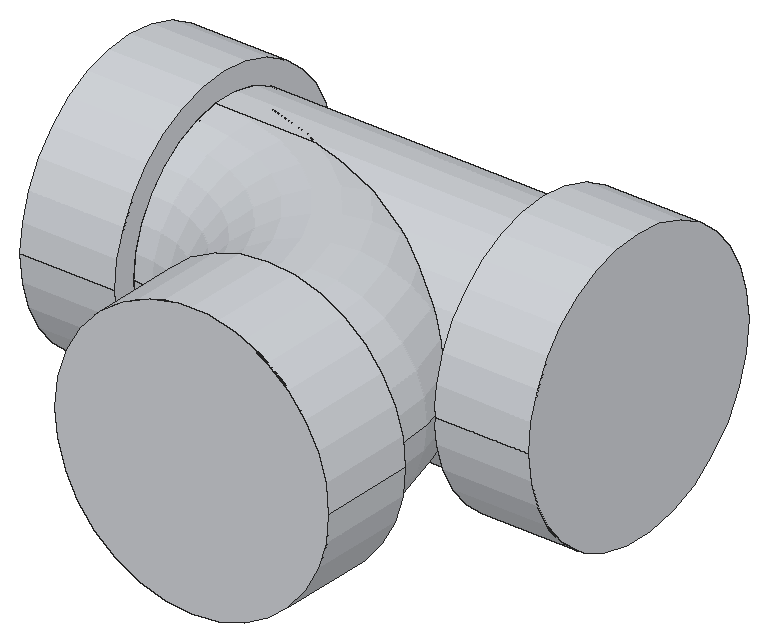
Revit family "0b451f0a5195417e9deae390523cab71", category Pipe Fittings, Revit 2021
Family settings
  Round Connector Dimension = Use Radius
  Part Type = Tee
  OmniClass Number = 23.60.30.11.14
  OmniClass Title = Pipework Fittings
  Seek Item ID = Tee Sanitary - PVC - Sch 40 - DWV-0000-USA-ENU
  Work Plane-Based = No
  Always vertical = Yes
  Cut with Voids When Loaded = No
  Shared = No
Parameters (values of type "Standard")
  Wall Thickness [instance] = size_lookup(Lookup Table Name, "WThk", 0.02 * Nominal Diameter + 33/256", Nominal Diameter)  # 0.156"
  Tick Size [instance] = Fitting Outside Diameter * 0.4  # 0.664"
  Socket Outside Radius [instance] = Socket Outside Diameter / 2  # 0.9935"
  Socket Outside Diameter [instance] = Socket Entrance Diameter + Wall Thickness * 2  # 1.987"
  Socket Entrance Diameter [instance] = size_lookup(Lookup Table Name, "SED", 1.04 * Nominal Diameter + 95/256", Nominal Diameter)  # 1.675"
  Socket Depth [instance] = size_lookup(Lookup Table Name, "SDpt", 0.5 * Nominal Diameter, Nominal Diameter)  # 0.687"
  Socket Bottom to Socket Bottom Run [instance] = size_lookup(Lookup Table Name, "SBtSBR", 1.21 * Nominal Diameter + 1 13/128", Nominal Diameter)  # 2.313"
  Radius 2 [instance] = if(Length 11 = Socket Depth, Socket Outside Diameter / 2, Fitting Outside Radius)  # 0.9935"
  Radius 1 [instance] = if(Length 11 = Socket Depth, Socket Outside Radius, Fitting Outside Radius)  # 0.9935"
  Nominal Radius [instance] = 5/8"
  Nominal Diameter [instance] = Nominal Radius * 2  # 1 1/4"
  Loss Method = Not Defined
  Lookup Table Name = "Tee Sanitary - PVC - Sch 40 - DWV"
  Length 9 [instance] = if(Length 8 > Socket Outside Radius, 0", Length 11)  # 0"
  Length 8 [instance] = Length 3 - Socket Outside Radius * cos(Angle)  # 1.563"
  Length 7 [instance] = Length 2 - 180" + Socket Outside Radius * sin(Angle) + Length 9 * cos(Angle)  # 2.5565"
  Length 6 [instance] = Length 1 + Socket Depth  # 183"
  Length 5 [instance] = Center Radius * (1 - cos(Angle)) + (Socket Depth + Length 9) * sin(Angle)  # 2 1/4"
  Length 4 [instance] = Center Radius * sin(Angle) + (Socket Depth + Length 9) * cos(Angle) + 180"  # 181.563"
  Length 12 [instance] = if(Length 8 > Socket Outside Radius, Socket Depth, if((Socket Outside Radius * (1 + cos(Angle)) - Length 3) / sin(Angle) > 1/8", (Socket Outside Radius * (1 + cos(Angle)) - Length 3) / sin(Angle), 1/8") + Socket Depth)  # 0.687"
  Length 11 [instance] = if(Length 8 > Socket Outside Radius, Socket Depth, if((Socket Outside Radius * (1 + cos(Angle)) - Length 3) / sin(Angle) > 1/8", (Socket Outside Radius * (1 + cos(Angle)) - Length 3) / sin(Angle), 1/8"))  # 0.687"
  Length 3 [instance] = Center Radius * (1 - cos(Angle))  # 1.563"
  Length 2 [instance] = Center Radius * sin(Angle) + 180"  # 181.563"
  Length 10 [instance] = if(Socket Outside Radius > Fitting Outside Radius, Socket Outside Radius, Fitting Outside Radius)  # 0.9935"
  Length 1 [instance] = 180" + if(and(Center Radius * sin(Angle) > Socket Outside Radius, Angle = 90.00°), Socket Bottom to Socket Bottom Run, if(Socket Bottom to Socket Bottom Run > Length 7, Socket Bottom to Socket Bottom Run, Length 7))  # 182.313"
  Fitting Outside Radius [instance] = Fitting Outside Diameter / 2  # 0.83"
  Fitting Outside Diameter [instance] = size_lookup(Lookup Table Name, "FOD", 1.04 * Nominal Diameter + 23/64", Nominal Diameter)  # 1.66"
  Default Elevation = 0' - 0"
  Center to Socket Bottom [instance] = size_lookup(Lookup Table Name, "CtSB", 0.66 * Nominal Diameter + 119/128", Nominal Diameter)  # 1.563"
  Center to Socket Bottom Label [instance] = if(Center to Socket Bottom / tan(Angle / 2) > Length 10, Center to Socket Bottom, Length 10 * tan(Angle / 2) + 1/8")  # 1.563"
  Center Radius [instance] = Center to Socket Bottom Label / tan(Angle / 2)  # 1.563"
  Angle [instance] = 90.00°
Reference planes (in)
  plane 1 "Center (Front/Back)": y = 0
  plane 2: z = 0
  plane 3 "Center (Left/Right)": x = 0
  plane 4: x = -1.563
  plane 5: x = -181.563
  plane 6: x = 0.75
  plane 7: y = -1.563
  plane 8: x = 0
  plane 9: x = 0
  plane 10: y = -2.25
  plane 11: x = 1.437
  plane 12: x = -2.25
  plane 13: y = -1.563
Forms (in)
  Sweep 1, solid, detail levels fine
    path in 3D
      loop
        line (0.75, 0, 0) -> (1.437, 0, 0)
    profile origin (1.0935, 0, 0) x (0, 1, 0) y (0, 0, 1)
      loop
        circle (0, 0) r 0.9935
  Sweep 2, solid, detail levels fine
    path origin (0, 0, 0) x (1, 0, 0) y (0, 1, 0)
      loop
        line (0, -2.25) -> (0, -1.563)
    profile origin (0, -1.9065, 0) x (-1, 0, 0) y (0, 0, 1)
      loop
        circle (0, 0) r 0.9935
  Sweep 3, solid, detail levels fine
    path in 3D
      loop
        line (-2.25, 0, 0) -> (-1.563, 0, 0)
    profile origin (-1.9065, 0, 0) x (0, 1, 0) y (0, 0, 1)
      loop
        circle (0, 0) r 0.9935
  Sweep 4, solid, detail levels fine
    path in 3D
      loop
        line (-1.563, 0, 0) -> (0.75, 0, 0)
    profile origin (-0.4065, 0, 0) x (0, 1, 0) y (0, 0, 1)
      loop
        circle (0, 0) r 0.83
  Sweep 5, solid, detail levels fine
    path in 3D
      loop
        arc (-1.563, 0, 0) -> (-0.45779, -0.45779, 0) -> (0, -1.563, 0) r 1.563
    profile origin (-0.45779, -0.45779, 0) x (0.707107, 0.707107, 0) y (0, 0, 1)
      loop
        circle (0, 0) r 0.83
  Sweep 6, solid, detail levels fine
    path in 3D
      loop
        line (0, -2.25, 0) -> (0, -1.563, 0)
    profile origin (0, -1.9065, 0) x (-1, 0, 0) y (0, 0, 1)
      loop
        circle (0, 0) r 0.83
Cuts and joins
  joined: Sweep 1, Sweep 3, Sweep 4
  joined: Sweep 2, Sweep 5, Sweep 6
Lines and regions (in)
  model lines, detail levels coarse+medium
    curve 1: line (0.75, 0, 0) -> (1.437, 0, 0)
    curve 6: line (-2.25, 0.664, 0) -> (-2.25, 0, 0)
    curve 7: line (-2.25, -0.664, 0) -> (-2.25, 0, 0)
    curve 8: line (1.437, 0.664, 0) -> (1.437, 0, 0)
    curve 9: line (1.437, -0.664, 0) -> (1.437, 0, 0)
    curve 10: line (-1.563, 0, 0) -> (0.75, 0, 0)
    curve 11: line (-2.25, 0, 0) -> (-1.563, 0, 0)
    curve 14: arc (-1.563, 0, 0) -> (-0.45779, -0.45779, 0) -> (0, -1.563, 0) r 1.563
    curve 15: line (0, -2.25, 0) -> (0, -1.563, 0)
    curve 18: line (0, -2.25, 0) -> (0.664, -2.25, 0)
    curve 19: line (0, -2.25, 0) -> (-0.664, -2.25, 0)
  sketch lines
    curve 2: line (0.75, 0, 0) -> (1.437, 0, 0)
    curve 12: line (-2.25, 0, 0) -> (-1.563, 0, 0)
    curve 13: line (-1.563, 0, 0) -> (0.75, 0, 0)
    curve 16: arc (-1.563, 0, 0) -> (-0.45779, -0.45779, 0) -> (0, -1.563, 0) r 1.563
    curve 17: line (0, -2.25, 0) -> (0, -1.563, 0)
  reference lines
    curve 3: line (0, -2.25, 0) -> (0, -1.563, 0)
    curve 4: line (-2.25, 0, 0) -> (-1.563, 0, 0)
    curve 5: line (1.437, 0, 0) -> (0.75, 0, 0)
Dimensions and locks (in)
  "Center to Socket Bottom Label": plane 4 to plane 3 "Center (Left/Right)"
  locked: plane 5 to plane 4 at 180
  "Length 1": plane 5 to plane 6
  "Length 3": plane 7 to plane 1 "Center (Front/Back)"
  "Length 5": plane 10 to plane 1 "Center (Front/Back)"
  "Length 2": plane 5 to plane 8
  "Length 4": plane 5 to plane 9
  "Length 6": plane 5 to plane 11
  "Socket Depth": plane 12 to plane 4
  "Center Radius": plane 1 "Center (Front/Back)" to plane 13
  "Tick Size": curve 6 to curve 6
  "Tick Size": curve 7 to curve 7
  "Tick Size": curve 8 to curve 8
  "Tick Size": curve 9 to curve 9
  "Socket Depth": Sweep 2 sketch curve to Sweep 2 sketch curve
  "Length 12": curve 15 to curve 15
  "Tick Size": curve 18 to curve 18
  "Tick Size": curve 19 to curve 19
  "Socket Outside Radius": radius of Sweep 1 sketch curve
  "Socket Outside Radius": radius of Sweep 2 sketch curve
  "Socket Outside Radius": radius of Sweep 3 sketch curve
  "Fitting Outside Radius": radius of Sweep 4 sketch curve
  "Fitting Outside Radius": radius of Sweep 5 sketch curve
  "Fitting Outside Radius": radius of Sweep 6 sketch curve
  "Angle": angle curve 3 to plane 10
  "Angle": angle Sweep 2 sketch curve to plane 10
  "Angle": angle curve 14 to curve 14
  "Angle": angle curve 15 to plane 10
  locked: curve 18 to curve 15 (angle 90.00°)
  locked: curve 15 to curve 19 (angle 90.00°)
  aligned and locked: plane 11 to curve 1
  aligned and locked: plane 1 "Center (Front/Back)" to curve 1
  aligned and locked: plane 9 to curve 3
  aligned and locked: plane 10 to curve 3
  aligned and locked: plane 12 to curve 4
  aligned and locked: plane 1 "Center (Front/Back)" to curve 4
  aligned and locked: plane 11 to curve 5
  aligned and locked: curve 5 to plane 1 "Center (Front/Back)"
  aligned and locked: curve 6 to plane 12
  aligned and locked: plane 12 to curve 7
  aligned and locked: plane 1 "Center (Front/Back)" to curve 8
  aligned and locked: curve 8 to plane 11
  aligned and locked: plane 11 to curve 9
  aligned and locked: plane 10 to Sweep 2 sketch curve
  aligned and locked: plane 9 to Sweep 2 sketch curve
  aligned and locked: plane 4 to curve 10
  aligned and locked: plane 6 to curve 10
  aligned and locked: plane 1 "Center (Front/Back)" to curve 10
  aligned and locked: plane 12 to curve 11
  aligned and locked: plane 1 "Center (Front/Back)" to curve 11
  aligned and locked: plane 9 to curve 15
  aligned and locked: plane 10 to curve 19
Automatic sketch dimensions
  curve 4 to plane 4 = 0' - 0"
  curve 5 to plane 6 = 0' - 0"
  Sweep 1 sketch curve to profile plane = 0' - 0"  (x2)
  Sweep 2 sketch curve to level = 0' - 0"
  Sweep 2 sketch curve to profile plane = 0' - 0"
  Sweep 3 sketch curve to profile plane = 0' - 0"  (x2)
  Sweep 4 sketch curve to profile plane = 0' - 0"  (x2)
  Sweep 5 sketch curve to profile plane = 0' - 0"  (x2)
  Sweep 6 sketch curve to profile plane = 0' - 0"  (x2)
Connectors (in)
  piping at (-2.25, 0, 0), diameter 1.25, driven by "Nominal Radius"
    settings: on cut or joined group of Sweep 1, Sweep 3, Sweep 4, index 1, connector inside diameter 1 1/4", connector length 0' - 0", flow factor 0, pipe flow 0 GPM, pressure drop 0.00 psi, fitting loss kfactor 0, connector angle 0.00°, fixture units 0, engagement length 0' - 0", angle of deflection 0.00°, flow configuration 0, flow direction 0, fitting loss method 0, system type 28, joint type 0, gender type 0, connector reference index 2, connector utility 0, adjustable connector no, is connector primary yes, connector description ""
  piping at (1.437, 0, 0), diameter 1.25, driven by "Nominal Radius"
    settings: on cut or joined group of Sweep 1, Sweep 3, Sweep 4, index 2, connector inside diameter 1 1/4", connector length 0' - 0", flow factor 0, pipe flow 0 GPM, pressure drop 0.00 psi, fitting loss kfactor 0, connector angle 0.00°, fixture units 0, engagement length 0' - 0", angle of deflection 0.00°, flow configuration 0, flow direction 0, fitting loss method 0, system type 28, joint type 0, gender type 0, connector reference index 1, connector utility 0, adjustable connector no, is connector primary no, connector description ""
  piping at (0, -2.25, 0), diameter 1.25, driven by "Nominal Radius", driven by "Angle"
    settings: on cut or joined group of Sweep 2, Sweep 5, Sweep 6, index 3, connector inside diameter 1 1/4", connector length 0' - 0", flow factor 0, pipe flow 0 GPM, pressure drop 0.00 psi, fitting loss kfactor 0, connector angle 90.00°, fixture units 0, engagement length 0' - 0", angle of deflection 0.00°, flow configuration 0, flow direction 0, fitting loss method 0, system type 28, joint type 0, gender type 0, connector reference index -1, connector utility 0, adjustable connector no, is connector primary no, connector description ""
